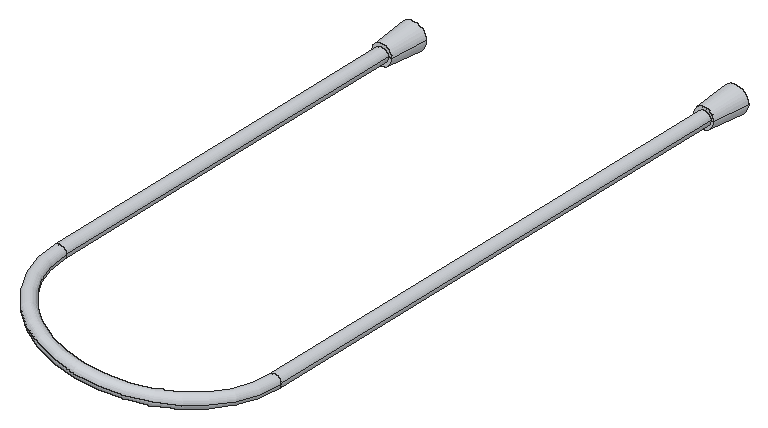
Revit family "Shower-Hose-KOHLER-K-R11628T_1", category Plumbing Fixtures, host Face, Revit 2017
Family settings
  Host = Face
  Round Connector Dimension = Use Diameter
  Part Type = Normal
  OmniClass Number = 23.31.17.00
  OmniClass Title = Showers
  Cut with Voids When Loaded = No
  Shared = No
  Room Calculation Point = No
Parameters (values of type "CP-Polished Chrome")
  Width = 1/2"  # constant formula
  WaterSense Certified = 1 = 0  # no
  Waste Water Outlet = "Waste Water Outlet"  # constant formula
  Waste Connection = 1 = 0  # no
  Vent Connection = 1 = 0  # no
  URL = "http://www.kohler.com.cn/"
  Type = 1
  Tempered Water Supply2 = "Tempered Water Supply2"  # constant formula
  Tempered Water Supply1 = "Tempered Water Supply1"  # constant formula
  Product Page URL = "https://www.kohler.com.cn/product/K-R11628T-CP/K-R11628T-CP/"
  Product Name = ""
  Product Documentation Link = "https://files.kohler.com.cn/pdfs/11628T%2012067T.pdf"
  Model = "K-R11628T-CP"  # constant formula
  Material = "Premium Metal Construction"  # constant formula
  Master Format 2014 = "22 42 23"  # constant formula
  Master Format 2014 Name = "Residential Showers"  # constant formula
  Manufacturer Address = "Kohler Beijing Office (100016) 36-2-03-B, No. 88, Liuxiang Road, Beijing"  # constant formula
  Manufacturer = "KOHLER Co."  # constant formula
  Length = 60"  # constant formula
  Hot Water Inlet = "Hot Water Inlet"  # constant formula
  Height = Length  # 60"
  HW Connection = 1 = 1  # yes
  Finish = Kohler-Metal-CP-Polished_Chrome
  Environmental Product Declaration = ""
  Drain Included = 1 = 0  # no
  Distance Between Connectors [instance] = 8"
  Description = "1.5m luxury anti-twist shower hose retail packaging"  # constant formula
  Default Elevation = 15"
  Declare Label = ""
  Date Modified = "11/23/2020"  # constant formula
  Date Created = "11/23/2020"  # constant formula
  Copyright = "Copyright KOHLER Co."  # constant formula
  Contact Us = "http://www.kohler.com.cn/contact/contact-us/"
  Connector1 Distance From Wall [instance] = 4"
  Connector2 Distance From Wall [instance] = 5 1/2"
  Connector 2 Length [instance] = 15"
  Connector 1 Length [instance] = 20"
  Cold Water Inlet = "Cold Water Inlet"  # constant formula
  CW Connection = 1 = 0  # no
  Assembly Code = "D2010700"
  ADA Compliant = 1 = 0  # no
Reference planes (in)
  plane 1 "Center (Front/Back)": y = 0
  plane 2: z = 0
  plane 3 "Center (Left/Right)": x = 0
  plane 4: x = -8
  plane 5: y = 15
  plane 6: y = 20
  plane 7: y = 21.4375
  plane 8: y = 16.4375
  plane 9: z = 5.5
  plane 10: z = 4
  plane 11: x = -4
Dimensions and locks (in)
  "Connector 2 Length": plane 1 "Center (Front/Back)" to plane 5
  "Connector 1 Length": plane 1 "Center (Front/Back)" to plane 6
  "Distance Between Connectors": plane 4 to plane 3 "Center (Left/Right)"
  locked: plane 6 to plane 7 at 1.4375
  locked: plane 5 to plane 8 at 1.4375
  "Connector2 Distance From Wall": plane 9 to level
  "Connector1 Distance From Wall": plane 10 to level
  equal spacing: plane 4, plane 11, plane 3 "Center (Left/Right)"
  aligned and locked: plane 2 to host face
  aligned and locked: level to host face
Automatic sketch dimensions
  host sketch curve to host sketch curve = 96"  (x2)
Nested families (in)
  nested 1: "K-R11628T" at (0, 0, 0), Connector Length1 <- "Connector 1 Length", Connector Length2 <- "Connector 2 Length", Dist Between Connector <- "Distance Between Connectors", Dist Form Wall1 <- "Connector2 Distance From Wall", Dist Form Wall2 <- "Connector1 Distance From Wall", type "K-R11628T"
    with Dist Form Wall2 4", Dist Form Wall1 5 1/2", Dist Between Connector 8", Connector Length2 15", Connector Length1 20"
Connectors (in)
  piping at (0, 21.4375, 4), diameter 0.5, driven by "HW Connection", driven by "Tempered Water Supply1"
    settings: on nested 1, index 1, connector inside diameter 24", connector length 0", flow factor 0, pipe flow 0 GPM, pressure drop 0.00 psi, fitting loss kfactor 0, connector angle 0.00°, fixture units 0, engagement length 0", angle of deflection 0.00°, flow configuration 0, flow direction 0, fitting loss method 0, system type 19, joint type 0, gender type 0, connector reference index -1, connector utility 1, adjustable connector no, is connector primary yes, connector description "Tempered Water Supply1"
  piping at (-8, 16.4375, 5.5), diameter 0.5, driven by "HW Connection", driven by "Tempered Water Supply2"
    settings: on nested 1, index 2, connector inside diameter 24", connector length 0", flow factor 0, pipe flow 0 GPM, pressure drop 0.00 psi, fitting loss kfactor 0, connector angle 0.00°, fixture units 0, engagement length 0", angle of deflection 0.00°, flow configuration 0, flow direction 0, fitting loss method 0, system type 19, joint type 0, gender type 0, connector reference index -1, connector utility 1, adjustable connector no, is connector primary no, connector description "Tempered Water Supply2"
Definition of nested family "K-R11628T"
  Parameters (values of type "K-R11628T")
    Material = none
    Hose = yes
    Dist Form Wall2 [instance] = 5.90551"
    Dist Form Wall1 [instance] = 3.93701"
    Dist Between Connector [instance] = 5.90551"
    Connector Length2 [instance] = 7.87402"
    Connector Length1 [instance] = 5.90551"
  Reference planes (in)
    plane 1 "Center (Front/Back)": y = 0
    plane 2: z = 0
    plane 3 "Center (Left/Right)": x = 0
    plane 4: y = 7.87402
    plane 5: y = 5.90551
    plane 6: x = -5.90551
    plane 7 "D1": z = 3.93701
    plane 8 "D2": z = 5.90551
  Forms (in)
    Revolve 1, solid, material <- "Material"
      sketch origin (0, 0, 3.93701) x (-1, 0, 0) y (0, -1, 0)
        loop
          line (5.53051, -7.87402) -> (5.40551, -9.31152) -> (5.90551, -9.31152) -> (5.90551, -7.87402) -> (5.53051, -7.87402)
        axis (5.90551, -9.31152) -> (5.90551, -7.87402)
      angle from 0 to 360
    Revolve 2, solid, material <- "Material"
      sketch origin (0, 0, 5.90551) x (-1, 0, 0) y (0, -1, 0)
        loop
          line (-0.375, -5.90551) -> (-0.5, -7.34301) -> (0, -7.34301) -> (0, -5.90551) -> (-0.375, -5.90551)
        axis (0, -7.34301) -> (0, -5.90551)
      angle from 0 to 360
    Sweep 3, solid, material <- "Material"
      path origin (0, 0, 3.93701) x (-1, 0, 0) y (0, -1, 0)
        loop
          line (5.90551, -7.87402) -> (5.90551, 0)
      profile origin (-5.90551, 3.93701, 3.93701) x (1, 0, 0) y (0, 0, 1)
        loop
          circle (0, 0) r 0.25
    Sweep 4, solid, material <- "Material"
      path origin (0, 0, 5.90551) x (-1, 0, 0) y (0, -1, 0)
        loop
          line (0, -5.90551) -> (0, 0)
      profile origin (0, 2.95276, 5.90551) x (1, 0, 0) y (0, 0, 1)
        loop
          circle (0, 0) r 0.25
    Sweep 5, solid, material <- "Material"
      path origin (0, 0, 5.90551) x (-0.948683, 0, -0.316228) y (0, -1, 0)
        loop
          arc (6.22496, 0) -> (3.11248, 3.11248) -> (0, 0) r 3.11248
      profile origin (0, 0, 5.90551) x (-0.948683, 0, -0.316228) y (-0.316228, 0, 0.948683)
        loop
          circle (0, 0) r 0.25
  Cuts and joins
    joined: Revolve 1, Revolve 2, Sweep 3, Sweep 4, Sweep 5
  Lines and regions (in)
    reference lines
      curve 1: line (0, 0, 5.90551) -> (-5.90551, 0, 3.93701)
  Dimensions and locks (in)
    "Connector Length2": plane 1 "Center (Front/Back)" to plane 4
    "Connector Length1": plane 5 to plane 1 "Center (Front/Back)"
    "Dist Between Connector": plane 6 to plane 3 "Center (Left/Right)"
    locked: plane 6 to Revolve 1 sketch curve at 0.375
    locked: plane 3 "Center (Left/Right)" to Revolve 2 sketch curve at 0.5
    locked: plane 3 "Center (Left/Right)" to Revolve 2 sketch curve at 0.375
    "Dist Form Wall1": plane 7 "D1" to level
    "Dist Form Wall2": plane 8 "D2" to level
    locked: Revolve 2 sketch curve to Revolve 2 sketch curve at 1.4375
    locked: Revolve 1 sketch curve to Revolve 1 sketch curve at 1.4375
    locked: plane 6 to Revolve 1 sketch curve at 0.5
    aligned and locked: plane 2 to level
    aligned and locked: Revolve 1 sketch curve to plane 6
    aligned and locked: plane 6 to Revolve 1 sketch curve
    aligned and locked: Revolve 1 sketch curve to plane 4
    aligned and locked: plane 3 "Center (Left/Right)" to Revolve 2 sketch curve
    aligned and locked: Revolve 2 sketch curve to plane 3 "Center (Left/Right)"
    aligned and locked: plane 5 to Revolve 2 sketch curve
    aligned and locked: plane 6 to Sweep 3 sketch curve
    aligned and locked: plane 4 to Sweep 3 sketch curve
    aligned and locked: plane 1 "Center (Front/Back)" to Sweep 3 sketch curve
    aligned and locked: Sweep 4 sketch curve to plane 3 "Center (Left/Right)"
    aligned and locked: plane 5 to Sweep 4 sketch curve
    aligned and locked: plane 1 "Center (Front/Back)" to Sweep 4 sketch curve
    aligned and locked: plane 8 "D2" to curve 1
    aligned and locked: plane 3 "Center (Left/Right)" to curve 1
    aligned and locked: plane 6 to curve 1
    aligned and locked: plane 7 "D1" to curve 1
    aligned and locked: Sweep 5 sketch curve to Sweep 4
  Automatic sketch dimensions
    Sweep 3 sketch curve to plane 7 "D1" = 0"
    profile plane to Sweep 3 sketch curve = 0"
    Sweep 4 sketch curve to plane 8 "D2" = 0"
    profile plane to Sweep 4 sketch curve = 0"
    Sweep 5 sketch curve to curve 1 = 0"  (x3)
    Revolve 1 sketch curve to Revolve 1 sketch curve = 0.45153"
    plane 4 to Revolve 1 sketch curve = 0.13902"
    plane 5 to Revolve 2 sketch curve = 0.45153"
    Revolve 2 sketch curve to plane 5 = 0.13902"
    radius of Sweep 3 sketch curve = 1/4"
    radius of Sweep 4 sketch curve = 1/4"
